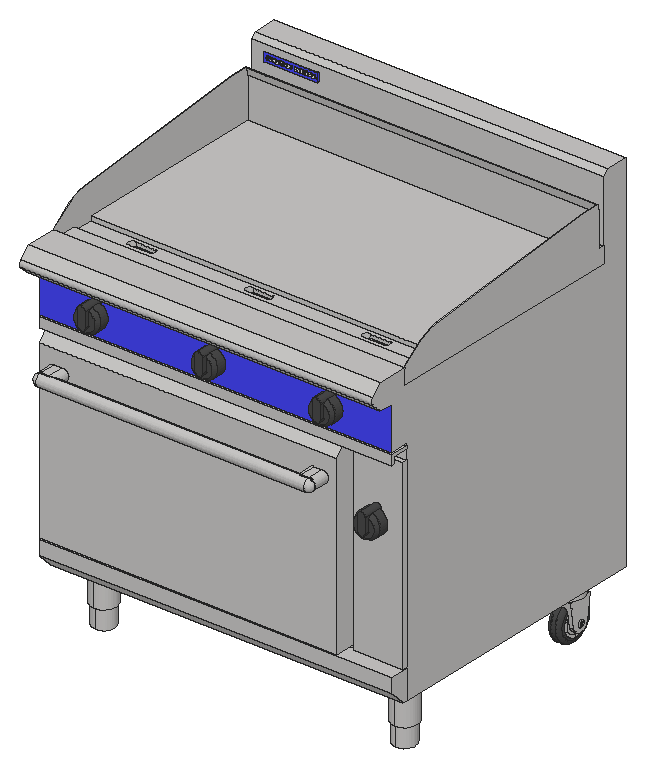
Revit family "QF_MOFFAT_BLUESEAL_CE_E506A", category Specialty Equipment, Revit 2012
Parameters
  Width = 900 mm  # constant formula
  Weight in Pounds = 436
  Watts = 16700 W
  Volts = 400 V
  URL Cutsheet = "www.moffat.com"
  URL = "www.moffat.com"
  Type Mark [instance] = ""
  Status [instance] = ""
  Specification by User [instance] = ""
  Specification by Manufacturer = ""
  Show Logo [instance] = yes
  Show Clearance [instance] = yes
  Show Casters [instance] = yes
  Serial Number = ""
  Seismic Rating = ""
  SMACNA No = ""
  Revision Code [instance] = ""
  Phase = 3
  Omniclass Number and Title = ""
  Number of Poles [instance] = 1
  NAFEM Spec ID Number = ""
  Model = "E506A"
  Min Ckt Ampacity = 0 A
  Max Overcurrent Protection = 0 A
  Masterspec = ""
  Manufacturer = "MOFFAT BLUESEAL"
  Legs [instance] = not(Show Casters)  # no
  Item Number [instance] = ""
  Installed By [instance] = ""
  Identify Quantity as Lot [instance] = yes
  Height = 970 mm  # constant formula
  HP = ""
  Furnished By [instance] = ""
  Foodservice Equipment Identifier [instance] = yes
  FL Amps = 20.9 A
  Electrical Remarks = "29.3A PER PHASE"
  Electric Connection Type = ""
  Elec Conn RI Height = 0 mm
  Elec Conn Connection Height = 0 mm
  Description = "900MM ELECTRIC RANGE WITH STATIC OVEN"
  Depth = 812 mm  # constant formula
  Cycle = 50 Hz
  Conn Plug = ""
  Conn Conduit = yes
  CSI MasterFormat = ""
  CSI Master Format = ""
  Body Finish = QF_Finishes_Stainless Steel
  Apparent Power = 0 VA
Reference planes
  plane 1 "BACK": y = 0
  plane 2: z = 0
  plane 3 "LEFT": x = 0
  plane 4 "RIGHT": x = 900
  plane 5 "FRONT": y = -812
  plane 6 "TOP": z = 970
  plane 7 "Center Y": x = 450
  plane 8 "Center X": y = -406
  plane 9: x = 280
  plane 10: y = -574.272
  plane 11: y = -304.972
  plane 12: y = -364.972
  plane 13: y = -812
  plane 14: x = 834.5
  plane 15: y = -32
  plane 16: z = 655
  plane 17: y = -100
  plane 18: z = 1085
  plane 19: y = -705
Forms (mm)
  Extrusion 1, solid, material "QF_Finishes_Stainless Steel" <- "Body Finish"
    sketch origin (0, 0, 0) x (0, 1, 0) y (0, 0, 1)
      loop
        line (0, 150) -> (0, 1085) -> (-57.5, 1085) -> (-70, 1072.5) -> (-70, 875) -> (-705, 875) -> (-705, 915) -> (-783.97, 915) -> (-808.476, 890.494)
        arc (-808.476, 890.494) -> (-811.994, 882) -> (-808.476, 873.506) r 12.013
        line (-808.476, 873.506) -> (-784.97, 850) -> (-749, 850) -> (-749, 740) -> (-699, 740) -> (-699, 150) -> (0, 150)
    from 0 to 900
  Extrusion 2, solid, material "QF_Finishes_Stainless Steel"
    sketch origin (0, 7, 0) x (0, 1, 0) y (0, 0, 1)
      loop
        line (-706, 700) -> (-732, 700) -> (-756, 676) -> (-756, 227.5) -> (-706, 227.5) -> (-706, 700)
    from 0 to 760
  Extrusion 3, solid, material "QF_Finishes_Stainless Steel"
    sketch origin (723.5, 7, 0) x (0, 1, 0) y (0, 0, 1)
      loop
        line (-706, 700) -> (-721, 700) -> (-721, 227.5) -> (-706, 227.5) -> (-706, 700)
    from 51.5 to 176.5
  Revolve 4, solid, material "QF_Finishes_Stainless Steel" <- "Body Finish"
    sketch origin (834.5, -696.126, 0) x (0, 1, 0) y (0, 0, -1)
      loop
        line (39.376, -150) -> (71.126, -150) -> (71.126, 0) -> (43.626, 0) -> (43.626, -50) -> (39.376, -50) -> (39.376, -150)
      axis (71.126, -150) -> (71.126, 0)
    angle from 0 to 360
  Revolve 5, solid, material "QF_Finishes_Stainless Steel" <- "Body Finish"
    sketch origin (65.5, -696.126, 0) x (0, 1, 0) y (0, 0, 1)
      loop
        line (39.376, 150) -> (39.376, 50) -> (43.626, 50) -> (43.626, 0) -> (71.126, 0) -> (71.126, 150) -> (39.376, 150)
      axis (71.126, 150) -> (71.126, 0)
    angle from 0 to 360
  Extrusion 6, solid, material "QF_Finishes_Stainless Steel"
    sketch origin (-64.5, 0, 325) x (1, 0, 0) y (0, 1, 0)
      loop
        circle (834.5, -32) r 10
    from 330 to 371
  Revolve 7, solid, material "QF_Finishes_Black"
    sketch origin (750, 45.874, -0.118) x (0, 1, 0) y (0, 0, 1)
      loop
        line (-827.874, 829.5) -> (-838.874, 823.651) -> (-838.874, 797) -> (-794.874, 797) -> (-794.874, 802) -> (-804.874, 802) -> (-804.874, 829.5) -> (-827.874, 829.5)
      axis (-838.874, 797) -> (-794.874, 797)
    angle from 0 to 360
  Revolve 8, solid, material "QF_Finishes_Black"
    sketch origin (150, 45.874, -0.118) x (0, 1, 0) y (0, 0, -1)
      loop
        line (-827.874, -829.5) -> (-804.874, -829.5) -> (-804.874, -802) -> (-794.874, -802) -> (-794.874, -797) -> (-838.874, -797) -> (-838.874, -823.651) -> (-827.874, -829.5)
      axis (-838.874, -797) -> (-794.874, -797)
    angle from 0 to 360
  Revolve 9, solid, material "QF_Finishes_Black"
    sketch origin (450, 45.874, -0.118) x (0, 1, 0) y (0, 0, -1)
      loop
        line (-827.874, -829.5) -> (-804.874, -829.5) -> (-804.874, -802) -> (-794.874, -802) -> (-794.874, -797) -> (-838.874, -797) -> (-838.874, -823.651) -> (-827.874, -829.5)
      axis (-838.874, -797) -> (-794.874, -797)
    angle from 0 to 360
  Extrusion 10, solid, material "QF_Finishes_Black"
    sketch origin (297.807, 7, -0.118) x (-1, 0, 0) y (0, 0, -1)
      loop
        arc (158.3, -789) -> (148.3, -779) -> (138.3, -789) r 10
        line (138.3, -789) -> (138.3, -824)
        arc (138.3, -824) -> (148.3, -834) -> (158.3, -824) r 10
        line (158.3, -824) -> (158.3, -789)
    from 759 to 808
  Extrusion 11, solid, material "QF_Finishes_Black"
    sketch origin (602.193, 7, -0.118) x (1, 0, 0) y (0, 0, 1)
      loop
        line (158.3, 789) -> (158.3, 824)
        arc (158.3, 824) -> (148.3, 834) -> (138.3, 824) r 10
        line (138.3, 824) -> (138.3, 789)
        arc (138.3, 789) -> (148.3, 779) -> (158.3, 789) r 10
    from 759 to 808
  Extrusion 12, solid, material "QF_Finishes_Black"
    sketch origin (597.807, 7, -0.118) x (-1, 0, 0) y (0, 0, -1)
      loop
        arc (158.3, -789) -> (148.3, -779) -> (138.3, -789) r 10
        line (138.3, -789) -> (138.3, -824)
        arc (138.3, -824) -> (148.3, -834) -> (158.3, -824) r 10
        line (158.3, -824) -> (158.3, -789)
    from 759 to 808
  Revolve 13, solid, material "QF_Finishes_Black"
    sketch origin (836.851, 80.874, -245.743) x (0, 1, 0) y (0, 0, 1)
      loop
        line (-827.874, 829.5) -> (-838.874, 823.651) -> (-838.874, 797) -> (-794.874, 797) -> (-794.874, 802) -> (-804.874, 802) -> (-804.874, 829.5) -> (-827.874, 829.5)
      axis (-838.874, 797) -> (-794.874, 797)
    angle from 0 to 360
  Extrusion 14, solid, material "QF_Finishes_Black"
    sketch origin (689.044, 42, -245.743) x (1, 0, 0) y (0, 0, 1)
      loop
        line (158.3, 789) -> (158.3, 824)
        arc (158.3, 824) -> (148.3, 834) -> (138.3, 824) r 10
        line (138.3, 824) -> (138.3, 789)
        arc (138.3, 789) -> (148.3, 779) -> (158.3, 789) r 10
    from 759 to 808
  Extrusion 15, solid, material "QF_Door-Drawer Clearances", visible <- "Show Clearance", detail levels coarse
    sketch origin (0, 7, 0) x (0, -1, 0) y (0, 0, 1)
      loop
        line (756, 697.347) -> (756, 227.5) -> (1225.847, 227.5)
        arc (1225.847, 227.5) -> (1088.232, 559.732) -> (756, 697.347) r 469.847
    from 0 to -760
  Extrusion 16, void
    sketch origin (0, 0, 220) x (1, 0, 0) y (0, 1, 0)
      loop
        line (824, -87) -> (824, 0) -> (694, 0) -> (694, -39) -> (744, -87) -> (824, -87)
    from 0 to 476
  Extrusion 17, solid, material "QF_Finishes_Stainless Steel"
    sketch origin (0, -749, 227.5) x (0, 0, 1) y (-1, 0, 0)
      loop
        line (380.625, -38.246) -> (380.625, -58.528)
        arc (380.625, -58.528) -> (395.625, -73.528) -> (410.625, -58.528) r 15
        line (410.625, -58.528) -> (410.625, -38.246)
        arc (410.625, -38.246) -> (395.625, -23.246) -> (380.625, -38.246) r 15
      loop
        arc (380.625, -723.039) -> (395.625, -738.039) -> (410.625, -723.039) r 15
        line (410.625, -723.039) -> (410.625, -702.757)
        arc (410.625, -702.757) -> (395.625, -687.757) -> (380.625, -702.757) r 15
        line (380.625, -702.757) -> (380.625, -723.039)
    from 0 to 44
  Revolve 18, solid, material "QF_Finishes_Stainless Steel"
    sketch origin (0, -793, 0) x (1, 0, 0) y (0, 0, 1)
      loop
        arc (738.039, 623.125) -> (733.646, 633.732) -> (723.039, 638.125) r 15
        line (723.039, 638.125) -> (38.246, 638.125)
        arc (38.246, 638.125) -> (27.64, 633.732) -> (23.246, 623.125) r 15
        line (23.246, 623.125) -> (738.039, 623.125)
      axis (738.039, 623.125) -> (23.246, 623.125)
    angle from 0 to 360
  Extrusion 19, solid, material "QF_Finishes_Stainless Steel" <- "Body Finish"
    sketch origin (0, 7, 0) x (0, 1, 0) y (0, 0, 1)
      loop
        line (-756, 710) -> (-747.224, 710) -> (-749.613, 726.999) -> (-707.93, 726.999) -> (-707.93, 734.003) -> (-756, 734.003) -> (-756, 710)
    from 0 to 900
  Extrusion 20, solid, material "QF_Finishes_Stainless Steel" <- "Body Finish"
    sketch origin (0, 4.73, 0) x (0, 1, 0) y (0, 0, 1)
      loop
        line (-753.73, 222.5) -> (-753.73, 186) -> (-717.73, 150) -> (-703.73, 150) -> (-703.73, 222.5) -> (-753.73, 222.5)
    from 0 to 900
  Extrusion 21, solid, material "QF_Finishes_Stainless Steel", visible <- "Show Casters"
    sketch origin (71.501, 133.353, -8.783) x (0, 1, 0) y (0, 0, 1)
      loop
        line (-201.603, 118.783) -> (-265.103, 118.783) -> (-252.746, 53.895)
        arc (-252.746, 53.895) -> (-233.353, 38.783) -> (-213.959, 53.895) r 20
        line (-213.959, 53.895) -> (-201.603, 118.783)
    from -35.667 to 22.923
  Revolve 22, solid, material "QF_Finishes_Stainless Steel", visible <- "Show Casters"
    sketch origin (65, -203, 0) x (0, 1, 0) y (0, 0, 1)
      loop
        line (67.25, 150) -> (67.25, 110) -> (103, 110) -> (103, 150) -> (67.25, 150)
      axis (103, 150) -> (103, 110)
    angle from 0 to 360
  Revolve 23, solid, material "QF_Finishes_Stainless Steel", visible <- "Show Casters"
    sketch origin (834.5, -203, 0) x (0, 1, 0) y (0, 0, -1)
      loop
        line (67.25, -150) -> (103, -150) -> (103, -110) -> (67.25, -110) -> (67.25, -150)
      axis (103, -150) -> (103, -110)
    angle from 0 to 360
  Revolve 24, solid, material "QF_Finishes_Stainless Steel", visible <- "Show Casters"
    sketch origin (785.276, -99.755, -13.653) x (1, 0, 0) y (0, 0, 1)
      loop
        line (14.841, 64.453) -> (83.584, 64.453) -> (83.584, 67.958) -> (82.314, 69.228) -> (80.79, 69.228) -> (80.79, 72.674) -> (68.644, 72.674) -> (68.644, 82.639) -> (65.088, 84.692) -> (63.738, 93.028) -> (65.881, 93.028) -> (65.881, 99.378) -> (65.088, 99.378) -> (65.088, 105.728)
        arc (65.088, 105.728) -> (62.298, 112.463) -> (55.563, 115.253) r 9.525
        line (55.563, 115.253) -> (42.863, 115.253)
        arc (42.863, 115.253) -> (36.127, 112.463) -> (33.338, 105.728) r 9.525
        line (33.338, 105.728) -> (33.338, 99.378) -> (32.544, 99.378) -> (32.544, 93.028) -> (34.687, 93.028) -> (33.352, 84.781) -> (29.782, 82.719) -> (29.782, 72.674) -> (17.635, 72.674) -> (17.635, 69.228) -> (16.111, 69.228) -> (14.841, 67.958) -> (14.841, 64.453)
      axis (14.841, 64.453) -> (83.584, 64.453)
    angle from 0 to 360
  Extrusion 25, solid, material "QF_Finishes_Stainless Steel", visible <- "Show Casters"
    sketch origin (841.001, 133.353, -8.783) x (0, 1, 0) y (0, 0, 1)
      loop
        line (-201.603, 118.783) -> (-265.103, 118.783) -> (-252.746, 53.895)
        arc (-252.746, 53.895) -> (-233.353, 38.783) -> (-213.959, 53.895) r 20
        line (-213.959, 53.895) -> (-201.603, 118.783)
    from -35.667 to 22.923
  Revolve 26, solid, material "QF_Finishes_Stainless Steel", visible <- "Legs"
    sketch origin (65, -165, 0) x (0, 1, 0) y (0, 0, 1)
      loop
        line (33.25, 150) -> (33.25, 50) -> (37.5, 50) -> (37.5, 0) -> (65, 0) -> (65, 150) -> (33.25, 150)
      axis (65, 150) -> (65, 0)
    angle from 0 to 360
  Revolve 27, solid, material "QF_Finishes_Stainless Steel", visible <- "Legs"
    sketch origin (834.5, -165, 0) x (0, 1, 0) y (0, 0, -1)
      loop
        line (33.25, -150) -> (65, -150) -> (65, 0) -> (37.5, 0) -> (37.5, -50) -> (33.25, -50) -> (33.25, -150)
      axis (65, -150) -> (65, 0)
    angle from 0 to 360
  Revolve 28, solid, material "QF_Finishes_Stainless Steel", visible <- "Show Casters"
    sketch origin (114.224, -99.755, -13.653) x (-1, 0, 0) y (0, 0, -1)
      loop
        line (14.841, -64.453) -> (14.841, -67.958) -> (16.111, -69.228) -> (17.635, -69.228) -> (17.635, -72.674) -> (29.782, -72.674) -> (29.782, -82.719) -> (33.352, -84.781) -> (34.687, -93.028) -> (32.544, -93.028) -> (32.544, -99.378) -> (33.338, -99.378) -> (33.338, -105.728)
        arc (33.338, -105.728) -> (36.127, -112.463) -> (42.863, -115.253) r 9.525
        line (42.863, -115.253) -> (55.563, -115.253)
        arc (55.563, -115.253) -> (62.298, -112.463) -> (65.088, -105.728) r 9.525
        line (65.088, -105.728) -> (65.088, -99.378) -> (65.881, -99.378) -> (65.881, -93.028) -> (63.738, -93.028) -> (65.088, -84.692) -> (68.644, -82.639) -> (68.644, -72.674) -> (80.79, -72.674) -> (80.79, -69.228) -> (82.314, -69.228) -> (83.584, -67.958) -> (83.584, -64.453) -> (14.841, -64.453)
      axis (14.841, -64.453) -> (83.584, -64.453)
    angle from 0 to 360
  Extrusion 29, solid, material "QF_Finishes_Stainless Steel"
    sketch origin (0, 0, 0) x (1, 0, 0) y (0, 1, 0)
      loop
        circle (826, -501) r 6.35
    from 150 to 147.817
Cuts and joins
  Extrusion 16 cuts Extrusion 1
Lines and regions (mm)
  Split face 1
    outline origin (900, 0, 1085) x (-1, 0, 0) y (0, -1, 0)
      loop
        arc (867.206, 18.385) -> (875.866, 23.385) -> (875.866, 33.385) r 10
        line (875.866, 33.385) -> (871.824, 40.385)
        arc (871.824, 40.385) -> (868.164, 44.045) -> (863.164, 45.385) r 10
        line (863.164, 45.385) -> (635.206, 45.385)
        arc (635.206, 45.385) -> (626.545, 40.385) -> (626.545, 30.385) r 10
        line (626.545, 30.385) -> (630.587, 23.385)
        arc (630.587, 23.385) -> (634.247, 19.725) -> (639.247, 18.385) r 10
        line (639.247, 18.385) -> (867.206, 18.385)
  Split face 2
    outline origin (900, 0, 1085) x (-1, 0, 0) y (0, -1, 0)
      loop
        arc (567.206, 18.385) -> (575.866, 23.385) -> (575.866, 33.385) r 10
        line (575.866, 33.385) -> (571.824, 40.385)
        arc (571.824, 40.385) -> (568.164, 44.045) -> (563.164, 45.385) r 10
        line (563.164, 45.385) -> (335.206, 45.385)
        arc (335.206, 45.385) -> (326.545, 40.385) -> (326.545, 30.385) r 10
        line (326.545, 30.385) -> (330.587, 23.385)
        arc (330.587, 23.385) -> (334.247, 19.725) -> (339.247, 18.385) r 10
        line (339.247, 18.385) -> (567.206, 18.385)
  Split face 3
    outline origin (900, 0, 1085) x (-1, 0, 0) y (0, -1, 0)
      loop
        arc (35.206, 45.385) -> (26.545, 40.385) -> (26.545, 30.385) r 10
        line (26.545, 30.385) -> (30.587, 23.385)
        arc (30.587, 23.385) -> (34.247, 19.725) -> (39.247, 18.385) r 10
        line (39.247, 18.385) -> (267.206, 18.385)
        arc (267.206, 18.385) -> (275.866, 23.385) -> (275.866, 33.385) r 10
        line (275.866, 33.385) -> (271.824, 40.385)
        arc (271.824, 40.385) -> (268.164, 44.045) -> (263.164, 45.385) r 10
        line (263.164, 45.385) -> (35.206, 45.385)
  symbolic lines
    curve 1: line (0, 0, 0) -> (0, -812, 0)
    curve 2: line (900, 0, 0) -> (0, 0, 0)
    curve 3: line (900, -812, 0) -> (900, 0, 0)
    curve 4: line (0, -70, 0) -> (900, -70, 0)
    curve 5: line (900, -812, 0) -> (0, -812, 0)
    curve 6: line (900, -705, 0) -> (0, -705, 0)
    curve 7: arc (22.65, -812, 0) -> (34.104, -822.278, 0) -> (48.889, -826.544, 0) r 34.455
    curve 8: line (48.889, -826.544, 0) -> (721.858, -826.544, 0)
    curve 9: arc (721.858, -826.544, 0) -> (736.403, -822.647, 0) -> (747.05, -812, 0) r 29.089
    curve 13: line (32.794, -18.385, 0) -> (260.753, -18.385, 0)
    curve 14: arc (260.753, -18.385, 0) -> (265.753, -19.725, 0) -> (269.413, -23.385, 0) r 10
    curve 15: line (269.413, -23.385, 0) -> (273.455, -30.385, 0)
    curve 16: arc (273.455, -30.385, 0) -> (273.455, -40.385, 0) -> (264.794, -45.385, 0) r 10
    curve 17: line (264.794, -45.385, 0) -> (36.836, -45.385, 0)
    curve 18: arc (36.836, -45.385, 0) -> (31.836, -44.045, 0) -> (28.176, -40.385, 0) r 10
    curve 19: line (28.176, -40.385, 0) -> (24.134, -33.385, 0)
    curve 20: arc (24.134, -33.385, 0) -> (24.134, -23.385, 0) -> (32.794, -18.385, 0) r 10
    curve 21: line (560.753, -18.385, 0) -> (332.794, -18.385, 0)
    curve 22: arc (332.794, -18.385, 0) -> (324.134, -23.385, 0) -> (324.134, -33.385, 0) r 10
    curve 23: line (324.134, -33.385, 0) -> (328.176, -40.385, 0)
    curve 24: arc (328.176, -40.385, 0) -> (331.836, -44.045, 0) -> (336.836, -45.385, 0) r 10
    curve 25: line (336.836, -45.385, 0) -> (564.794, -45.385, 0)
    curve 26: arc (564.794, -45.385, 0) -> (573.455, -40.385, 0) -> (573.455, -30.385, 0) r 10
    curve 27: line (573.455, -30.385, 0) -> (569.413, -23.385, 0)
    curve 28: arc (569.413, -23.385, 0) -> (565.753, -19.725, 0) -> (560.753, -18.385, 0) r 10
    curve 29: line (632.794, -18.385, 0) -> (860.753, -18.385, 0)
    curve 30: arc (860.753, -18.385, 0) -> (865.753, -19.725, 0) -> (869.413, -23.385, 0) r 10
    curve 31: line (869.413, -23.385, 0) -> (873.455, -30.385, 0)
    curve 32: arc (873.455, -30.385, 0) -> (873.455, -40.385, 0) -> (864.794, -45.385, 0) r 10
    curve 33: line (864.794, -45.385, 0) -> (636.836, -45.385, 0)
    curve 34: arc (636.836, -45.385, 0) -> (631.836, -44.045, 0) -> (628.176, -40.385, 0) r 10
    curve 35: line (628.176, -40.385, 0) -> (624.134, -33.385, 0)
    curve 36: arc (624.134, -33.385, 0) -> (624.134, -23.385, 0) -> (632.794, -18.385, 0) r 10
    curve 37: line (0, -783.97, 0) -> (900, -783.97, 0)
    curve 38: line (0, -57.5, 0) -> (900, -57.5, 0)
  symbolic lines, style "QF_Door-Drawer Clearances"
    curve 10: line (0, -1218.847, 0) -> (0, -812, 0)
    curve 11: line (0, -1218.847, 0) -> (760, -1218.847, 0)
    curve 12: line (760, -1218.847, 0) -> (760, -812, 0)
  symbolic lines, style "SpecialityEquipmentHiddenLines", visible <- "Show Casters"
    curve 39: line (106.952, -62.61, 0) -> (56.152, -150.598, 0)
    curve 40: line (79.456, -46.735, 0) -> (106.952, -62.61, 0)
    curve 41: line (28.656, -134.723, 0) -> (79.456, -46.735, 0)
    curve 42: line (56.152, -150.598, 0) -> (28.656, -134.723, 0)
    curve 43: line (866.952, -62.61, 0) -> (816.152, -150.598, 0)
    curve 44: line (839.456, -46.735, 0) -> (866.952, -62.61, 0)
    curve 45: line (788.656, -134.723, 0) -> (839.456, -46.735, 0)
    curve 46: line (816.152, -150.598, 0) -> (788.656, -134.723, 0)
Dimensions and locks
  equal spacing: plane 3 "LEFT", plane 7 "Center Y", plane 4 "RIGHT"
  "Width": plane 3 "LEFT" to plane 4 "RIGHT"
  equal spacing: plane 5 "FRONT", plane 8 "Center X", plane 1 "BACK"
  plane 5 "FRONT" to plane 1 "BACK" = 812 mm  (x2)
  equal spacing: plane 4 "RIGHT", plane 7 "Center Y", plane 3 "LEFT"
  plane 4 "RIGHT" to plane 3 "LEFT" = 900 mm
  "Height": plane 6 "TOP" to level
  plane 10 to plane 1 "BACK" = 574.272 mm
  plane 11 to plane 1 "BACK" = 304.972 mm  (x2)
  plane 9 to plane 3 "LEFT" = 280 mm
  "Depth": plane 1 "BACK" to plane 13
  plane 13 to plane 5 "FRONT" = 0 mm
  plane 6 "TOP" to plane 2 = 970 mm
  plane 2 to Extrusion 1 sketch curve = 875 mm
  locked: plane 2 to Extrusion 1 sketch curve at 915
  Revolve 24 sketch curve to Revolve 24 sketch curve = 50.8 mm
  Revolve 28 sketch curve to Revolve 28 sketch curve = 50.8 mm
  plane 18 to level = 1085 mm
  Extrusion 29 sketch curve to plane 1 "BACK" = 501 mm
  Extrusion 29 sketch curve to plane 4 "RIGHT" = 74 mm
  aligned and locked: level to plane 2
  aligned and locked: curve 3 to plane 4 "RIGHT"
Automatic sketch dimensions
  Extrusion 1 sketch curve to plane 19 = 0 mm
  Extrusion 1 sketch curve to plane 18 = 0 mm
  Extrusion 1 sketch curve to plane 1 "BACK" = 0 mm
  plane 19 to Extrusion 1 sketch curve = 44 mm
  Extrusion 1 sketch curve to plane 5 "FRONT" = 28.03 mm
  Extrusion 1 sketch curve to plane 5 "FRONT" = 27.03 mm
  Extrusion 1 sketch curve to plane 5 "FRONT" = 12.018 mm
  Extrusion 1 sketch curve to plane 5 "FRONT" = 3.524 mm  (x2)
  Extrusion 1 sketch curve to plane 19 = 6 mm
  Extrusion 1 sketch curve to plane 18 = 12.5 mm
  plane 17 to Extrusion 1 sketch curve = 30 mm
  Extrusion 1 sketch curve to Extrusion 1 sketch curve = 12.5 mm
  Extrusion 1 sketch curve to Extrusion 1 sketch curve = 41.494 mm
  Extrusion 1 sketch curve to Extrusion 1 sketch curve = 25 mm
  plane 16 to Extrusion 1 sketch curve = 85 mm
  level to Extrusion 1 sketch curve = 150 mm
  Extrusion 1 sketch curve to Extrusion 1 sketch curve = 8.494 mm
  plane 19 to Extrusion 2 sketch curve = 20 mm
  Extrusion 2 sketch curve to plane 19 = 6 mm
  level to Extrusion 2 sketch curve = 227.5 mm
  plane 19 to Extrusion 3 sketch curve = 9 mm
  Extrusion 3 sketch curve to plane 19 = 6 mm
  level to Extrusion 3 sketch curve = 227.5 mm
  plane 16 to Extrusion 3 sketch curve = 45 mm
  Revolve 4 sketch curve to level = 0 mm
  Revolve 4 sketch curve to plane 19 = 48.25 mm
  Revolve 4 sketch curve to Revolve 4 sketch curve = 4.25 mm
  Revolve 4 sketch curve to Revolve 4 sketch curve = 27.5 mm  (x2)
  level to Revolve 4 sketch curve = 50 mm
  Revolve 4 sketch curve to Revolve 4 sketch curve = 0 mm
  Revolve 4 sketch curve to Revolve 4 sketch curve = 100 mm
  Revolve 4 sketch curve to Revolve 4 sketch curve = 55 mm
  Revolve 5 sketch curve to level = 0 mm
  Revolve 5 sketch curve to plane 19 = 48.25 mm
  Revolve 5 sketch curve to Revolve 5 sketch curve = 4.25 mm
  Revolve 5 sketch curve to Revolve 5 sketch curve = 27.5 mm  (x2)
  Revolve 5 sketch curve to level = 55 mm
  Revolve 5 sketch curve to Revolve 5 sketch curve = 50 mm
  Revolve 5 sketch curve to Revolve 5 sketch curve = 0 mm
  Revolve 5 sketch curve to Revolve 5 sketch curve = 100 mm
  Extrusion 6 sketch curve to plane 15 = 0 mm
  Extrusion 6 sketch curve to plane 14 = 64.5 mm
  Revolve 7 sketch curve to plane 5 "FRONT" = 19 mm
  Revolve 7 sketch curve to Revolve 7 sketch curve = 0 mm  (x2)
  Revolve 7 sketch curve to Revolve 7 sketch curve = 11 mm
  Revolve 7 sketch curve to Revolve 7 sketch curve = 12.7 mm
  Revolve 7 sketch curve to Revolve 7 sketch curve = 23 mm
  Revolve 7 sketch curve to Revolve 7 sketch curve = 10 mm
  plane 16 to Revolve 7 sketch curve = 141.882 mm
  Revolve 7 sketch curve to Revolve 7 sketch curve = 5 mm
  Revolve 7 sketch curve to Revolve 7 sketch curve = 26.651 mm
  Revolve 7 sketch curve to Revolve 7 sketch curve = 5.849 mm
  Revolve 8 sketch curve to plane 5 "FRONT" = 19 mm
  Revolve 8 sketch curve to Revolve 8 sketch curve = 0 mm  (x2)
  Revolve 8 sketch curve to Revolve 8 sketch curve = 11 mm
  Revolve 8 sketch curve to Revolve 8 sketch curve = 12.7 mm
  Revolve 8 sketch curve to Revolve 8 sketch curve = 23 mm
  Revolve 8 sketch curve to Revolve 8 sketch curve = 10 mm
  Revolve 8 sketch curve to plane 6 "TOP" = 140.618 mm
  Revolve 8 sketch curve to Revolve 8 sketch curve = 5.849 mm
  Revolve 8 sketch curve to Revolve 8 sketch curve = 27.5 mm
  Revolve 8 sketch curve to Revolve 8 sketch curve = 5 mm
  Revolve 9 sketch curve to plane 5 "FRONT" = 19 mm
  Revolve 9 sketch curve to Revolve 9 sketch curve = 0 mm  (x2)
  Revolve 9 sketch curve to Revolve 9 sketch curve = 11 mm
  Revolve 9 sketch curve to Revolve 9 sketch curve = 12.7 mm
  Revolve 9 sketch curve to Revolve 9 sketch curve = 23 mm
  Revolve 9 sketch curve to Revolve 9 sketch curve = 10 mm
  Revolve 9 sketch curve to plane 6 "TOP" = 140.618 mm
  Revolve 9 sketch curve to Revolve 9 sketch curve = 5.849 mm
  Revolve 9 sketch curve to Revolve 9 sketch curve = 27.5 mm
  Revolve 9 sketch curve to Revolve 9 sketch curve = 5 mm
  Extrusion 10 sketch curve to Extrusion 10 sketch curve = 10 mm
  Extrusion 10 sketch curve to plane 6 "TOP" = 146.118 mm
  Extrusion 10 sketch curve to Extrusion 10 sketch curve = 35 mm
  Extrusion 11 sketch curve to plane 14 = 94.007 mm
  Extrusion 11 sketch curve to plane 14 = 84.007 mm
  plane 16 to Extrusion 11 sketch curve = 133.882 mm
  Extrusion 11 sketch curve to Extrusion 11 sketch curve = 35 mm
  plane 7 "Center Y" to Extrusion 12 sketch curve = 9.507 mm
  Extrusion 12 sketch curve to Extrusion 12 sketch curve = 10 mm
  Extrusion 12 sketch curve to plane 6 "TOP" = 146.118 mm
  Extrusion 12 sketch curve to Extrusion 12 sketch curve = 35 mm
  Revolve 13 sketch curve to plane 5 "FRONT" = 54 mm
  Revolve 13 sketch curve to Revolve 13 sketch curve = 0 mm  (x2)
  Revolve 13 sketch curve to Revolve 13 sketch curve = 11 mm
  Revolve 13 sketch curve to Revolve 13 sketch curve = 12.7 mm
  plane 19 to Revolve 13 sketch curve = 19 mm
  plane 19 to Revolve 13 sketch curve = 9 mm
  Revolve 13 sketch curve to plane 16 = 103.743 mm
  Revolve 13 sketch curve to Revolve 13 sketch curve = 5 mm
  Revolve 13 sketch curve to Revolve 13 sketch curve = 26.651 mm
  Revolve 13 sketch curve to Revolve 13 sketch curve = 5.849 mm
  Extrusion 14 sketch curve to plane 14 = 7.156 mm
  plane 14 to Extrusion 14 sketch curve = 2.844 mm
  Extrusion 14 sketch curve to plane 16 = 111.743 mm
  Extrusion 14 sketch curve to Extrusion 14 sketch curve = 35 mm
  plane 19 to Extrusion 15 sketch curve = 44 mm
  level to Extrusion 15 sketch curve = 227.5 mm
  plane 5 "FRONT" to Extrusion 15 sketch curve = 406.847 mm
  plane 1 "BACK" to Extrusion 16 sketch curve = 0 mm
  Extrusion 16 sketch curve to plane 15 = 7 mm
  Extrusion 16 sketch curve to plane 14 = 140.5 mm
  plane 17 to Extrusion 16 sketch curve = 13 mm
  Extrusion 16 sketch curve to Extrusion 16 sketch curve = 50 mm
  Extrusion 16 sketch curve to plane 14 = 10.5 mm
  Extrusion 17 sketch curve to plane 16 = 46.875 mm  (x2)
  Extrusion 17 sketch curve to Extrusion 17 sketch curve = 15 mm  (x2)
  Extrusion 17 sketch curve to plane 14 = 131.743 mm
  Extrusion 17 sketch curve to Extrusion 17 sketch curve = 20.282 mm  (x2)
  Revolve 18 sketch curve to plane 3 "LEFT" = 6.961 mm
  plane 3 "LEFT" to Revolve 18 sketch curve = 23.246 mm
  Revolve 18 sketch curve to plane 16 = 16.875 mm
  Revolve 18 sketch curve to Revolve 18 sketch curve = 15 mm
  Revolve 18 sketch curve to plane 16 = 31.875 mm
  plane 7 "Center Y" to Revolve 18 sketch curve = 138.039 mm
  Revolve 18 sketch curve to plane 14 = 111.461 mm
  plane 19 to Extrusion 19 sketch curve = 44 mm
  Extrusion 19 sketch curve to Extrusion 19 sketch curve = 6.387 mm
  Extrusion 19 sketch curve to Extrusion 19 sketch curve = 8.776 mm
  Extrusion 19 sketch curve to plane 19 = 4.07 mm
  plane 16 to Extrusion 19 sketch curve = 55 mm
  Extrusion 19 sketch curve to Extrusion 19 sketch curve = 16.999 mm
  Extrusion 19 sketch curve to Extrusion 19 sketch curve = 7.004 mm
  plane 19 to Extrusion 20 sketch curve = 44 mm
  Extrusion 20 sketch curve to Extrusion 20 sketch curve = 36.5 mm
  Extrusion 21 sketch curve to plane 17 = 0 mm
  Extrusion 21 sketch curve to plane 17 = 19.393 mm
  Extrusion 21 sketch curve to plane 17 = 31.75 mm
  plane 17 to Extrusion 21 sketch curve = 19.393 mm
  plane 17 to Extrusion 21 sketch curve = 31.75 mm
  level to Extrusion 21 sketch curve = 45.111 mm
  Extrusion 21 sketch curve to Extrusion 21 sketch curve = 4.889 mm
  Extrusion 21 sketch curve to Extrusion 21 sketch curve = 64.889 mm
  Revolve 22 sketch curve to plane 17 = 0 mm  (x2)
  Revolve 22 sketch curve to plane 17 = 35.75 mm
  Revolve 22 sketch curve to level = 55 mm
  level to Revolve 22 sketch curve = 50 mm
  Revolve 22 sketch curve to Revolve 22 sketch curve = 60 mm
  Revolve 22 sketch curve to Revolve 22 sketch curve = 40 mm
  Revolve 23 sketch curve to plane 17 = 0 mm  (x2)
  Revolve 23 sketch curve to plane 17 = 35.75 mm
  level to Revolve 23 sketch curve = 150 mm
  Revolve 23 sketch curve to Revolve 23 sketch curve = 40 mm
  level to Revolve 23 sketch curve = 50 mm
  Revolve 23 sketch curve to level = 55 mm
  Revolve 24 sketch curve to plane 14 = 34.382 mm
  Revolve 24 sketch curve to Revolve 24 sketch curve = 1.27 mm  (x4)
  Revolve 24 sketch curve to Revolve 24 sketch curve = 1.524 mm  (x2)
  Revolve 24 sketch curve to Revolve 24 sketch curve = 12.146 mm  (x2)
  Revolve 24 sketch curve to plane 14 = 16.68 mm
  Revolve 24 sketch curve to Revolve 24 sketch curve = 0.794 mm  (x2)
  Revolve 24 sketch curve to Revolve 24 sketch curve = 3.57 mm
  Revolve 24 sketch curve to Revolve 24 sketch curve = 2.143 mm
  Revolve 24 sketch curve to plane 14 = 6.361 mm
  plane 14 to Revolve 24 sketch curve = 5.13 mm
  plane 14 to Revolve 24 sketch curve = 6.339 mm
  plane 14 to Revolve 24 sketch curve = 14.515 mm
  Revolve 24 sketch curve to Revolve 24 sketch curve = 1.349 mm  (x2)
  Revolve 24 sketch curve to Revolve 24 sketch curve = 3.556 mm
  Revolve 24 sketch curve to plane 4 "RIGHT" = 2.18 mm
  level to Revolve 24 sketch curve = 50.8 mm
  Revolve 24 sketch curve to Revolve 24 sketch curve = 0 mm
  Revolve 24 sketch curve to Revolve 24 sketch curve = 3.505 mm  (x2)
  Revolve 24 sketch curve to Revolve 24 sketch curve = 3.447 mm  (x2)
  Revolve 24 sketch curve to Revolve 24 sketch curve = 9.964 mm
  Revolve 24 sketch curve to Revolve 24 sketch curve = 10.045 mm
  Revolve 24 sketch curve to Revolve 24 sketch curve = 2.053 mm
  Revolve 24 sketch curve to Revolve 24 sketch curve = 2.061 mm
  Revolve 24 sketch curve to Revolve 24 sketch curve = 8.247 mm
  Revolve 24 sketch curve to Revolve 24 sketch curve = 8.336 mm
  Revolve 24 sketch curve to Revolve 24 sketch curve = 6.35 mm  (x2)
  Extrusion 25 sketch curve to plane 17 = 0 mm
  Extrusion 25 sketch curve to plane 17 = 19.393 mm
  Extrusion 25 sketch curve to plane 17 = 31.75 mm
  plane 17 to Extrusion 25 sketch curve = 19.393 mm
  plane 17 to Extrusion 25 sketch curve = 31.75 mm
  level to Extrusion 25 sketch curve = 45.111 mm
  Extrusion 25 sketch curve to Extrusion 25 sketch curve = 4.889 mm
  Extrusion 25 sketch curve to Extrusion 25 sketch curve = 64.889 mm
  Revolve 26 sketch curve to level = 0 mm
  Revolve 26 sketch curve to plane 17 = 0 mm  (x2)
  Revolve 26 sketch curve to Revolve 26 sketch curve = 27.5 mm
  Revolve 26 sketch curve to Revolve 26 sketch curve = 31.75 mm
  Revolve 26 sketch curve to level = 55 mm
  Revolve 26 sketch curve to Revolve 26 sketch curve = 50 mm
  Revolve 26 sketch curve to Revolve 26 sketch curve = 0 mm
  Revolve 26 sketch curve to Revolve 26 sketch curve = 100 mm
  Revolve 27 sketch curve to level = 0 mm
  Revolve 27 sketch curve to plane 17 = 0 mm  (x2)
  Revolve 27 sketch curve to Revolve 27 sketch curve = 27.5 mm
  Revolve 27 sketch curve to Revolve 27 sketch curve = 31.75 mm
  level to Revolve 27 sketch curve = 50 mm
  Revolve 27 sketch curve to Revolve 27 sketch curve = 0 mm
  Revolve 27 sketch curve to Revolve 27 sketch curve = 100 mm
  Revolve 27 sketch curve to Revolve 27 sketch curve = 55 mm
  Revolve 28 sketch curve to Revolve 28 sketch curve = 1.27 mm  (x4)
  Revolve 28 sketch curve to Revolve 28 sketch curve = 1.524 mm  (x2)
  Revolve 28 sketch curve to Revolve 28 sketch curve = 0.794 mm  (x2)
  Revolve 28 sketch curve to Revolve 28 sketch curve = 3.57 mm
  Revolve 28 sketch curve to Revolve 28 sketch curve = 2.143 mm
  Revolve 28 sketch curve to Revolve 28 sketch curve = 1.349 mm  (x2)
  Revolve 28 sketch curve to Revolve 28 sketch curve = 3.556 mm
  Revolve 28 sketch curve to Revolve 28 sketch curve = 12.146 mm  (x2)
  Revolve 28 sketch curve to plane 3 "LEFT" = 2.68 mm
  level to Revolve 28 sketch curve = 101.6 mm
  Revolve 28 sketch curve to Revolve 28 sketch curve = 6.35 mm  (x4)
  Revolve 28 sketch curve to Revolve 28 sketch curve = 8.247 mm
  Revolve 28 sketch curve to Revolve 28 sketch curve = 8.336 mm
  Revolve 28 sketch curve to Revolve 28 sketch curve = 2.061 mm
  Revolve 28 sketch curve to Revolve 28 sketch curve = 2.053 mm
  Revolve 28 sketch curve to Revolve 28 sketch curve = 10.045 mm
  Revolve 28 sketch curve to Revolve 28 sketch curve = 9.964 mm
  Revolve 28 sketch curve to Revolve 28 sketch curve = 3.447 mm  (x2)
  Revolve 28 sketch curve to Revolve 28 sketch curve = 3.505 mm
  Split face 1 sketch curve to cut or joined group of Extrusion 1, Extrusion 16 = 27.115 mm
  Split face 1 sketch curve to cut or joined group of Extrusion 1, Extrusion 16 = 626.545 mm
  Split face 1 sketch curve to Split face 1 sketch curve = 4.041 mm  (x4)
  Split face 1 sketch curve to Split face 1 sketch curve = 8.66 mm  (x2)
  Split face 1 sketch curve to cut or joined group of Extrusion 1, Extrusion 16 = 12.115 mm
  Split face 1 sketch curve to Split face 1 sketch curve = 223.917 mm
  Split face 1 sketch curve to Split face 1 sketch curve = 7 mm  (x3)
  Split face 1 sketch curve to Split face 1 sketch curve = 17 mm
  Split face 2 sketch curve to cut or joined group of Extrusion 1, Extrusion 16 = 27.115 mm
  Split face 2 sketch curve to cut or joined group of Extrusion 1, Extrusion 16 = 326.545 mm
  Split face 2 sketch curve to cut or joined group of Extrusion 1, Extrusion 16 = 23.385 mm
  Split face 2 sketch curve to Split face 2 sketch curve = 4.041 mm  (x3)
  Split face 2 sketch curve to Split face 2 sketch curve = 8.66 mm  (x3)
  Split face 2 sketch curve to cut or joined group of Extrusion 1, Extrusion 16 = 12.115 mm
  Split face 2 sketch curve to Split face 2 sketch curve = 223.917 mm
  Split face 2 sketch curve to cut or joined group of Extrusion 1, Extrusion 16 = 18.385 mm
  Split face 2 sketch curve to Split face 2 sketch curve = 10 mm
  Split face 2 sketch curve to Split face 2 sketch curve = 7 mm
  Split face 3 sketch curve to cut or joined group of Extrusion 1, Extrusion 16 = 27.115 mm
  Split face 3 sketch curve to cut or joined group of Extrusion 1, Extrusion 16 = 26.545 mm
  Split face 3 sketch curve to cut or joined group of Extrusion 1, Extrusion 16 = 23.385 mm
  Split face 3 sketch curve to Split face 3 sketch curve = 4.041 mm  (x4)
  Split face 3 sketch curve to Split face 3 sketch curve = 8.66 mm  (x2)
  Split face 3 sketch curve to cut or joined group of Extrusion 1, Extrusion 16 = 22.115 mm
  Split face 3 sketch curve to Split face 3 sketch curve = 223.917 mm
  Split face 3 sketch curve to cut or joined group of Extrusion 1, Extrusion 16 = 17.115 mm
  Split face 3 sketch curve to Split face 3 sketch curve = 17 mm
  Split face 3 sketch curve to Split face 3 sketch curve = 7 mm
  Extrusion 2 sketch curve to Extrusion 2 sketch curve = 24 mm
  plane 16 to Extrusion 2 sketch curve = 21 mm
  plane 16 to Extrusion 2 sketch curve = 45 mm
  Extrusion 20 sketch curve to plane 19 = 6 mm
  level to Extrusion 20 sketch curve = 150 mm
  Extrusion 20 sketch curve to Extrusion 20 sketch curve = 36 mm
  plane 19 to Extrusion 20 sketch curve = 8 mm
  plane 3 "LEFT" to Extrusion 10 sketch curve = 159.507 mm
  plane 3 "LEFT" to Extrusion 17 sketch curve = 58.528 mm
  plane 3 "LEFT" to Revolve 28 sketch curve = 30.64 mm
  Revolve 28 sketch curve to Revolve 28 sketch curve = 9.525 mm
  Revolve 28 sketch curve to Revolve 28 sketch curve = 14.29 mm
  Revolve 28 sketch curve to Revolve 28 sketch curve = 12.7 mm
  Revolve 28 sketch curve to Revolve 28 sketch curve = 8.176 mm
  Revolve 28 sketch curve to Revolve 28 sketch curve = 0.808 mm
  plane 1 "BACK" to curve 1 = 0 mm
  curve 1 to plane 3 "LEFT" = 0 mm
  plane 5 "FRONT" to curve 7 = 0 mm
  plane 19 to curve 6 = 0 mm
  plane 3 "LEFT" to curve 7 = 22.65 mm
  curve 20 to plane 15 = 1.385 mm
  plane 3 "LEFT" to curve 20 = 24.134 mm
  curve 19 to curve 18 = 4.041 mm
  plane 3 "LEFT" to curve 41 = 28.656 mm
  plane 15 to curve 13 = 13.615 mm
  curve 20 to curve 13 = 8.66 mm
  curve 18 to curve 17 = 8.66 mm
  plane 5 "FRONT" to curve 8 = 14.544 mm
  curve 7 to curve 8 = 26.239 mm
  curve 7 to plane 5 "FRONT" = 19.857 mm
  curve 41 to curve 42 = 27.496 mm
  curve 40 to plane 15 = 14.735 mm
  curve 18 to curve 40 = 42.62 mm
  curve 13 to plane 9 = 19.247 mm
  curve 17 to plane 9 = 15.206 mm
  plane 15 to curve 14 = 8.615 mm
  curve 14 to curve 14 = 8.66 mm
  plane 15 to curve 16 = 1.615 mm
  curve 16 to plane 9 = 6.545 mm
  curve 23 to plane 15 = 1.385 mm
  plane 9 to curve 23 = 44.134 mm
  curve 23 to curve 24 = 4.041 mm
  plane 15 to curve 22 = 3.615 mm
  curve 22 to curve 22 = 8.66 mm
  curve 24 to curve 24 = 8.66 mm
  plane 7 "Center Y" to curve 28 = 110.753 mm
  curve 28 to curve 26 = 4.041 mm
  plane 15 to curve 27 = 8.615 mm
  curve 21 to curve 27 = 8.66 mm
  plane 15 to curve 27 = 1.615 mm
  curve 27 to curve 27 = 4.041 mm
  curve 36 to plane 15 = 1.385 mm
  curve 27 to curve 36 = 50.679 mm
  curve 35 to plane 15 = 8.385 mm
  curve 35 to curve 35 = 4.041 mm
  plane 15 to curve 29 = 13.615 mm
  curve 36 to curve 29 = 8.66 mm
  curve 34 to curve 34 = 8.66 mm
  curve 8 to plane 14 = 112.642 mm
  curve 45 to plane 17 = 34.723 mm
  curve 45 to plane 14 = 45.844 mm
  curve 9 to curve 9 = 25.191 mm
  curve 43 to plane 17 = 50.598 mm
  curve 45 to curve 43 = 27.496 mm
  curve 9 to curve 12 = 12.95 mm
  curve 45 to plane 15 = 14.735 mm
  plane 14 to curve 29 = 26.253 mm
  curve 30 to curve 32 = 4.041 mm  (x2)
  plane 15 to curve 31 = 8.615 mm
  curve 29 to curve 31 = 8.66 mm
  plane 15 to curve 32 = 1.615 mm
  curve 10 to curve 8 = 392.303 mm
  curve 37 to plane 5 "FRONT" = 28.03 mm
  curve 42 to plane 17 = 50.598 mm
  plane 17 to curve 4 = 30 mm
  curve 4 to curve 38 = 12.5 mm
  curve 32 to plane 15 = 13.385 mm
  curve 18 to plane 15 = 13.385 mm
  curve 25 to plane 15 = 13.385 mm
  curve 19 to curve 19 = 7 mm
  curve 23 to curve 23 = 7 mm
  radius of Extrusion 6 sketch curve = 10 mm
  radius of Extrusion 29 sketch curve = 6.35 mm
Nested families
  nested 1: "WALDORF LOGO_FACE BASE" at (32, -70, 1056.385) x (1, 0, 0) z (0, -1, 0), visible <- "Show Logo", type "WALDORF LOGO_FACE BASE", detail levels medium+fine
    with Show Logo yes
  nested 2: "ELECTRIC GRIDDLE PLATE 900" at (0, -85, 875), type "ELECTRIC GRIDDLE PLATE 900"
    with Width 900 mm, Type Mark "", Status "", Specification by User "", Show Clearance yes, Revision Code "", Number of Poles 1, Mechanical Remarks "", Mechanical Connection Type "", Item Number "", Installed By "", Identify Quantity as Lot yes, Gas RI Height 0 mm, Gas KW 0, Gas Input 0.0 Btu/h, Furnished By "", Foodservice Equipment Identifier yes, Electrical Remarks "", Electric Connection Type "", Elec Conn RI Height 0 mm, Elec Conn Connection Height 0 mm, Depth 620 mm
Connectors
  electrical at (826, -501, 147.817), driven by "Volts", driven by "Watts"
    settings: on Extrusion 29, index 5, voltage 400 V, apparent load 16700 VA, apparent load phase1 0 VA, apparent load phase2 0 VA, apparent load phase3 0 VA, power factor 1, load classification "Other", number of poles 1, system type 30, power factor state 1, is connector primary yes, connector utility no, sub classification motor no, connector description "ELECTRICAL CONNECTION"
Definition of nested family "WALDORF LOGO_FACE BASE"
  Parameters (values of type "WALDORF LOGO_FACE BASE")
    Show Logo [instance] = yes
    Default Elevation = 1219.2 mm
  Reference planes
    plane 1 "Center (Front/Back)": y = 0
    plane 2: z = 0
    plane 3 "Center (Left/Right)": x = 0
  Forms (mm)
    Extrusion 1, solid
      sketch origin (0, 0, 0) x (1, 0, 0) y (0, 1, 0)
        loop
          line (-1219.2, 1219.2) -> (-1219.2, -1219.2) -> (1219.2, -1219.2) -> (1219.2, 1219.2) -> (-1219.2, 1219.2)
      from 0 to -304.8
    Extrusion 2, solid, material "QF_Finishes_Blue", visible <- "Show Logo"
      sketch origin (0, -33.217, 0) x (1, 0, 0) y (0, 1, 0)
        loop
          arc (138, 31.942) -> (137.626, 32.844) -> (136.724, 33.217) r 1.276
          line (136.724, 33.217) -> (1.29, 33.217)
          arc (1.29, 33.217) -> (0.378, 32.839) -> (0, 31.927) r 1.29
          line (0, 31.927) -> (0, 11.507)
          arc (0, 11.507) -> (0.378, 10.595) -> (1.29, 10.217) r 1.29
          line (1.29, 10.217) -> (136.71, 10.217)
          arc (136.71, 10.217) -> (137.622, 10.595) -> (138, 11.507) r 1.29
          line (138, 11.507) -> (138, 31.942)
      from 0 to 1.588
    Extrusion 3, solid, material "QF_Finishes_White", visible <- "Show Logo"
      sketch origin (0, -33.217, 1.588) x (1, 0, 0) y (0, 1, 0)
        loop
          arc (108.946, 25.919) -> (107.613, 25.367) -> (107.061, 24.034) r 1.885
          line (107.061, 24.034) -> (107.061, 17.211) -> (112.704, 17.211) -> (112.704, 19.129) -> (115.546, 19.129) -> (115.546, 17.211) -> (121.584, 17.211) -> (121.584, 24.075)
          arc (121.584, 24.075) -> (121.043, 25.379) -> (119.739, 25.919) r 1.845
          line (119.739, 25.919) -> (108.946, 25.919)
        loop
          line (123.478, 25.919) -> (123.478, 17.163) -> (134.904, 17.163) -> (134.904, 19.129) -> (129.246, 19.129) -> (129.246, 25.919) -> (123.478, 25.919)
        loop
          line (112.704, 21.258) -> (115.546, 21.258) -> (115.546, 22.702)
          arc (115.546, 22.702) -> (115.344, 23.188) -> (114.858, 23.389) r 0.687
          line (114.858, 23.389) -> (113.363, 23.389)
          arc (113.363, 23.389) -> (112.897, 23.196) -> (112.704, 22.73) r 0.658
          line (112.704, 22.73) -> (112.704, 21.258)
        loop
          line (105.071, 25.919) -> (93.771, 25.919) -> (93.771, 17.163) -> (105.071, 17.163) -> (105.071, 19.063) -> (99.535, 19.063) -> (99.535, 20.437) -> (105.071, 20.437) -> (105.071, 22.278) -> (99.535, 22.278) -> (99.535, 23.587) -> (105.071, 23.587) -> (105.071, 25.919)
        loop
          line (91.104, 25.919) -> (79.541, 25.919)
          arc (79.541, 25.919) -> (78.558, 25.513) -> (78.152, 24.53) r 1.389
          line (78.152, 24.53) -> (78.152, 22.08)
          arc (78.152, 22.08) -> (78.558, 21.098) -> (79.541, 20.691) r 1.389
          line (79.541, 20.691) -> (86.346, 20.691) -> (86.346, 18.864) -> (83.266, 18.864) -> (83.266, 19.664) -> (78.152, 19.664) -> (78.152, 18.553)
          arc (78.152, 18.553) -> (78.558, 17.57) -> (79.541, 17.163) r 1.389
          line (79.541, 17.163) -> (91.063, 17.163)
          arc (91.063, 17.163) -> (92.045, 17.57) -> (92.452, 18.553) r 1.389
          line (92.452, 18.553) -> (92.452, 20.691)
          arc (92.452, 20.691) -> (92.045, 21.673) -> (91.063, 22.08) r 1.389
          line (91.063, 22.08) -> (83.266, 22.08) -> (83.266, 23.984) -> (86.346, 23.984) -> (86.346, 22.743) -> (92.452, 22.743) -> (92.452, 24.571)
          arc (92.452, 24.571) -> (92.057, 25.524) -> (91.104, 25.919) r 1.348
        loop
          line (70.705, 25.919) -> (59.405, 25.919) -> (59.405, 17.163) -> (70.705, 17.163) -> (70.705, 19.063) -> (65.169, 19.063) -> (65.169, 20.437) -> (70.705, 20.437) -> (70.705, 22.278) -> (65.169, 22.278) -> (65.169, 23.587) -> (70.705, 23.587) -> (70.705, 25.919)
        loop
          line (57.598, 25.919) -> (51.7, 25.919) -> (51.7, 20.18)
          arc (51.7, 20.18) -> (50.63, 19.11) -> (49.56, 20.18) r 1.07
          line (49.56, 20.18) -> (49.56, 25.919) -> (43.663, 25.919) -> (43.663, 19.049)
          arc (43.663, 19.049) -> (44.215, 17.716) -> (45.548, 17.163) r 1.885
          line (45.548, 17.163) -> (55.71, 17.163)
          arc (55.71, 17.163) -> (57.045, 17.716) -> (57.598, 19.051) r 1.887
          line (57.598, 19.051) -> (57.598, 25.919)
        loop
          line (31.62, 25.919) -> (31.62, 17.163) -> (43.046, 17.163) -> (43.046, 19.129) -> (37.388, 19.129) -> (37.388, 25.919) -> (31.62, 25.919)
        loop
          line (15.969, 25.919) -> (15.969, 17.163) -> (28.693, 17.163)
          arc (28.693, 17.163) -> (29.812, 17.627) -> (30.276, 18.746) r 1.582
          line (30.276, 18.746) -> (30.276, 20.447) -> (29.48, 21.243) -> (30.276, 22.039) -> (30.276, 24.332)
          arc (30.276, 24.332) -> (29.811, 25.454) -> (28.688, 25.919) r 1.587
          line (28.688, 25.919) -> (15.969, 25.919)
        loop
          line (21.449, 24.159) -> (21.449, 22.436) -> (23.862, 22.436)
          arc (23.862, 22.436) -> (24.723, 23.298) -> (23.862, 24.159) r 0.861
          line (23.862, 24.159) -> (21.449, 24.159)
        loop
          line (21.449, 20.244) -> (21.449, 18.522) -> (23.862, 18.522)
          arc (23.862, 18.522) -> (24.723, 19.383) -> (23.862, 20.244) r 0.861
          line (23.862, 20.244) -> (21.449, 20.244)
      from 0 to 0.2
    Extrusion 4, solid, material "QF_Finishes_Blue", visible <- "Show Logo"
      sketch origin (-126.498, -31.09, 1.588) x (1, 0, 0) y (0, 1, 0)
        loop
          line (136.738, 23.522) -> (136.738, 15.1)
          arc (136.738, 15.1) -> (140.756, 19.311) -> (136.738, 23.522) r 4.216
      from 0 to 0.2
    Extrusion 5, solid, material "QF_Finishes_Red", visible <- "Show Logo"
      sketch origin (146.849, -31.09, 1.588) x (-1, 0, 0) y (0, -1, 0)
        loop
          arc (136.738, -23.522) -> (140.756, -19.311) -> (136.738, -15.1) r 4.216
          line (136.738, -15.1) -> (136.738, -23.522)
      from 0 to 0.2
  Lines and regions (mm)
    Split face 1
      outline origin (-90.35, -30.793, 1.588) x (1, 0, 0) y (0, 1, 0)
        loop
          circle (100.54, 19.013) r 4.536
  Dimensions and locks
    aligned and locked: plane 2 to Extrusion 1
    aligned and locked: level to Extrusion 1
Definition of nested family "ELECTRIC GRIDDLE PLATE 900"
  Parameters (values of type "ELECTRIC GRIDDLE PLATE 900")
    Width [instance] = 900 mm
    Weight in Pounds = 0
    Watts = 0 W
    Volts = 0 V
    URL Cutsheet = ""
    Type Mark [instance] = ""
    Status [instance] = ""
    Specification by User [instance] = ""
    Specification by Manufacturer = ""
    Show Clearance [instance] = yes
    Serial Number = ""
    Seismic Rating = ""
    SMACNA No = ""
    Revision Code [instance] = ""
    Phase = 1
    Omniclass Number and Title = ""
    Number of Poles [instance] = 1
    NAFEM Spec ID Number = ""
    Min Ckt Ampacity = 0 A
    Mechanical Remarks [instance] = ""
    Mechanical Connection Type [instance] = ""
    Max Overcurrent Protection = 0 A
    Masterspec = ""
    Item Number [instance] = ""
    Installed By [instance] = ""
    Identify Quantity as Lot [instance] = yes
    HP = ""
    Gas Size = 0"
    Gas RI Height [instance] = 0 mm
    Gas KW [instance] = 0
    Gas Input [instance] = 0.0 Btu/h
    Gas Connection Height = 0 mm
    Furnished By [instance] = ""
    Foodservice Equipment Identifier [instance] = yes
    FL Amps = 0 A
    Electrical Remarks [instance] = ""
    Electric Connection Type [instance] = ""
    Elec Conn RI Height [instance] = 0 mm
    Elec Conn Connection Height [instance] = 0 mm
    Depth [instance] = 620 mm
    Cycle = 0 Hz
    Conn Plug = ""
    Conn Conduit = yes
    CSI MasterFormat = ""
    CSI Master Format = ""
    Apparent Power = if(Phase = 3, Volts * FL Amps * 1.73, Volts * FL Amps)  # 0 VA
  Reference planes
    plane 1 "BACK": y = 0
    plane 2: z = 0
    plane 3 "LEFT": x = 0
    plane 4 "RIGHT": x = 900
    plane 5 "FRONT": y = -620
    plane 6 "TOP": z = 142.5
    plane 7 "Center Y": x = 450
    plane 8 "Center X": y = -310
    plane 9: y = -530.997
    plane 10: y = -541.497
    plane 11: y = -503.25
    plane 12: y = -557.737
  Forms (mm)
    Extrusion 1, solid, material "QF_Finishes_Stainless Steel"
      sketch origin (0, 70.003, -874.5) x (0, 1, 0) y (0, 0, 1)
        loop
          line (-70, 875) -> (-70, 997.489) -> (-75.228, 1017) -> (-117.24, 1017) -> (-589.533, 971.523)
          arc (-589.533, 971.523) -> (-614.56, 965.803) -> (-637.306, 953.899) r 100
          line (-637.306, 953.899) -> (-690.003, 917) -> (-690.003, 875) -> (-70, 875)
      from 0 to 1.8
    Extrusion 2, solid, material "QF_Finishes_Stainless Steel"
      sketch origin (600, 70.003, -874.5) x (0, -1, 0) y (0, 0, 1)
        loop
          line (70, 875) -> (690.003, 875) -> (690.003, 917) -> (637.306, 953.899)
          arc (637.306, 953.899) -> (614.56, 965.803) -> (589.533, 971.523) r 100
          line (589.533, 971.523) -> (117.24, 1017) -> (75.228, 1017) -> (70, 997.489) -> (70, 875)
      from -300 to -298.8
    Extrusion 3, solid, material "QF_Finishes_Stainless Steel"
      sketch origin (150, 70.003, -874.5) x (0, 1, 0) y (0, 0, 1)
        loop
          line (-70, 894.5) -> (-573.253, 894.5) -> (-573.253, 884) -> (-627.74, 884) -> (-627.74, 894.5) -> (-690.003, 894.5) -> (-690.003, 874.5) -> (-55, 874.5) -> (-55, 914.5) -> (-70, 914.5) -> (-70, 894.5)
      from -150 to 750
    Extrusion 4, void
      sketch origin (150, -541.497, 10) x (0, -1, 0) y (1, 0, 0)
        loop
          arc (-7.497, 25) -> (-17.497, 35) -> (-27.497, 25) r 10
          line (-27.497, 25) -> (-27.497, -25)
          arc (-27.497, -25) -> (-17.497, -35) -> (-7.497, -25) r 10
          line (-7.497, -25) -> (-7.497, 25)
        loop
          arc (-7.497, 325) -> (-17.497, 335) -> (-27.497, 325) r 10
          line (-27.497, 325) -> (-27.497, 275)
          arc (-27.497, 275) -> (-17.497, 265) -> (-7.497, 275) r 10
          line (-7.497, 275) -> (-7.497, 325)
        loop
          arc (-7.497, 625) -> (-17.497, 635) -> (-27.497, 625) r 10
          line (-27.497, 625) -> (-27.497, 575)
          arc (-27.497, 575) -> (-17.497, 565) -> (-7.497, 575) r 10
          line (-7.497, 575) -> (-7.497, 625)
      from -41.4 to 40.142
    Extrusion 5, solid, material "QF_Finishes_Stainless Steel"
      sketch origin (0, 70.003, -874.5) x (0, 1, 0) y (0, 0, 1)
        loop
          line (-70, 875) -> (-70, 997.489) -> (-75.228, 1017) -> (-76.884, 1017) -> (-71.6, 997.278) -> (-71.6, 875) -> (-70, 875)
      from 0 to 898.8
  Cuts and joins
    Extrusion 4 cuts Extrusion 3
    joined: Extrusion 1, Extrusion 2, Extrusion 3, Extrusion 5
  Lines and regions (mm)
    symbolic lines
      curve 1: line (898.8, -503.25, 0) -> (0, -503.25, 0)
      curve 2: line (1.8, -557.737, 0) -> (898.8, -557.737, 0)
      curve 3: line (0, -620, 0) -> (900, -620, 0)
      curve 4: line (900, -5.225, 0) -> (0, -5.225, 0)
      curve 5: line (0, -5.225, 0) -> (0, -620, 0)
      curve 6: line (900, -620, 0) -> (900, -5.225, 0)
      curve 7: line (125, -514, 0) -> (175, -514, 0)
      curve 8: arc (175, -514, 0) -> (185, -524, 0) -> (175, -534, 0) r 10
      curve 9: line (175, -534, 0) -> (125, -534, 0)
      curve 10: arc (125, -534, 0) -> (115, -524, 0) -> (125, -514, 0) r 10
      curve 11: line (425, -514, 0) -> (475, -514, 0)
      curve 12: arc (475, -514, 0) -> (485, -524, 0) -> (475, -534, 0) r 10
      curve 13: line (475, -534, 0) -> (425, -534, 0)
      curve 14: arc (425, -534, 0) -> (415, -524, 0) -> (425, -514, 0) r 10
      curve 15: line (775, -534, 0) -> (725, -534, 0)
      curve 16: arc (725, -534, 0) -> (715, -524, 0) -> (725, -514, 0) r 10
      curve 17: line (725, -514, 0) -> (775, -514, 0)
      curve 18: arc (775, -514, 0) -> (785, -524, 0) -> (775, -534, 0) r 10
  Dimensions and locks
    equal spacing: plane 3 "LEFT", plane 7 "Center Y", plane 4 "RIGHT"
    "Width": plane 3 "LEFT" to plane 4 "RIGHT"
    equal spacing: plane 5 "FRONT", plane 8 "Center X", plane 1 "BACK"
    "Depth": plane 5 "FRONT" to plane 1 "BACK"
    locked: Extrusion 2 to Extrusion 2 at 1.2
    aligned and locked: level to plane 2
    aligned and locked: Extrusion 2 to plane 4 "RIGHT"
    aligned and locked: curve 1 to plane 11
    aligned and locked: plane 12 to curve 2
    aligned and locked: Extrusion 5 to cut or joined group of Extrusion 1, Extrusion 2, Extrusion 3, Extrusion 4, Extrusion 5
    aligned and locked: cut or joined group of Extrusion 1, Extrusion 2, Extrusion 3, Extrusion 4, Extrusion 5 to plane 4 "RIGHT"
    aligned and locked: cut or joined group of Extrusion 1, Extrusion 2, Extrusion 3, Extrusion 4, Extrusion 5 to plane 3 "LEFT"
  Automatic sketch dimensions
    Extrusion 1 sketch curve to plane 5 "FRONT" = 0 mm
    Extrusion 1 sketch curve to plane 6 "TOP" = 0 mm
    plane 12 to Extrusion 1 sketch curve = 9.566 mm
    plane 11 to Extrusion 1 sketch curve = 16.28 mm
    Extrusion 1 sketch curve to level = 2.516 mm
    plane 11 to Extrusion 1 sketch curve = 6.695 mm
    plane 1 "BACK" to Extrusion 1 sketch curve = 47.237 mm
    plane 1 "BACK" to Extrusion 1 sketch curve = 5.225 mm
    Extrusion 1 sketch curve to plane 1 "BACK" = 0.003 mm
    level to Extrusion 1 sketch curve = 0.5 mm
    Extrusion 1 sketch curve to Extrusion 1 sketch curve = 42 mm
    Extrusion 1 sketch curve to plane 6 "TOP" = 63.101 mm
    Extrusion 1 sketch curve to plane 6 "TOP" = 19.511 mm
    Extrusion 2 sketch curve to plane 6 "TOP" = 0 mm
    Extrusion 2 sketch curve to plane 5 "FRONT" = 0 mm
    plane 12 to Extrusion 2 sketch curve = 9.566 mm
    plane 11 to Extrusion 2 sketch curve = 16.28 mm
    Extrusion 2 sketch curve to level = 2.516 mm
    plane 11 to Extrusion 2 sketch curve = 6.695 mm
    plane 1 "BACK" to Extrusion 2 sketch curve = 47.237 mm
    plane 1 "BACK" to Extrusion 2 sketch curve = 5.225 mm
    Extrusion 2 sketch curve to plane 1 "BACK" = 0.003 mm
    level to Extrusion 2 sketch curve = 0.5 mm
    Extrusion 2 sketch curve to Extrusion 2 sketch curve = 42 mm
    Extrusion 2 sketch curve to plane 6 "TOP" = 63.101 mm
    Extrusion 2 sketch curve to plane 6 "TOP" = 19.511 mm
    plane 1 "BACK" to Extrusion 5 sketch curve = 5.225 mm
    Extrusion 5 sketch curve to plane 1 "BACK" = 0.003 mm
    Extrusion 5 sketch curve to plane 6 "TOP" = 19.511 mm
    Extrusion 5 sketch curve to Extrusion 5 sketch curve = 1.6 mm
    Extrusion 5 sketch curve to Extrusion 5 sketch curve = 0.211 mm
    Extrusion 5 sketch curve to plane 6 "TOP" = 0 mm
    Extrusion 5 sketch curve to Extrusion 5 sketch curve = 1.656 mm
    level to Extrusion 5 sketch curve = 0.5 mm
    plane 5 "FRONT" to curve 3 = 0 mm
    plane 3 "LEFT" to curve 2 = 1.8 mm
    plane 3 "LEFT" to curve 4 = 0 mm
    plane 4 "RIGHT" to curve 2 = 1.2 mm
    plane 4 "RIGHT" to curve 3 = 0 mm
    plane 4 "RIGHT" to curve 1 = 1.2 mm
    plane 1 "BACK" to curve 6 = 5.225 mm
    Extrusion 3 sketch curve to plane 5 "FRONT" = 0 mm
    Extrusion 3 sketch curve to plane 12 = 0 mm
    Extrusion 3 sketch curve to plane 11 = 0 mm
    Extrusion 3 sketch curve to plane 1 "BACK" = 0.003 mm
    level to Extrusion 3 sketch curve = 0 mm
    Extrusion 3 sketch curve to Extrusion 3 sketch curve = 15 mm
    level to Extrusion 3 sketch curve = 9.5 mm
    Extrusion 3 sketch curve to Extrusion 3 sketch curve = 10.5 mm
    Extrusion 3 sketch curve to Extrusion 3 sketch curve = 20 mm  (x2)
    plane 11 to Extrusion 4 sketch curve = 10.75 mm  (x3)
    Extrusion 4 sketch curve to Extrusion 4 sketch curve = 10 mm  (x3)
    plane 3 "LEFT" to Extrusion 4 sketch curve = 125 mm
    Extrusion 4 sketch curve to Extrusion 4 sketch curve = 50 mm  (x2)
    Extrusion 4 sketch curve to plane 7 "Center Y" = 25 mm
    plane 7 "Center Y" to Extrusion 4 sketch curve = 25 mm
    plane 4 "RIGHT" to Extrusion 4 sketch curve = 175 mm
    plane 11 to curve 10 = 20.75 mm
    plane 3 "LEFT" to curve 10 = 125 mm
    curve 8 to plane 12 = 23.737 mm
    curve 9 to curve 8 = 50 mm
    curve 13 to plane 7 "Center Y" = 25 mm
    plane 7 "Center Y" to curve 13 = 25 mm
    curve 13 to plane 12 = 23.737 mm
    curve 14 to curve 14 = 10 mm
    plane 11 to curve 16 = 20.75 mm
    plane 4 "RIGHT" to curve 16 = 175 mm
    curve 15 to plane 12 = 23.737 mm
    curve 15 to curve 15 = 50 mm
